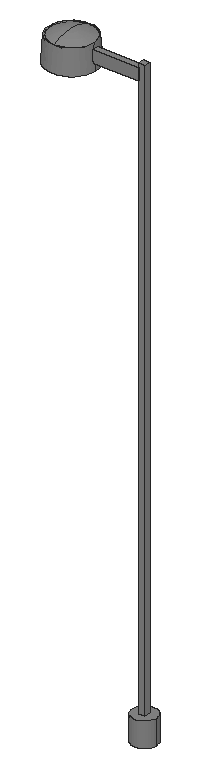
Revit family "f72442e85010487ea1f9fe5948f87591", category Lighting Fixtures, Revit 2021
Family settings
  Round Connector Dimension = Use Diameter
  Part Type = Normal
  OmniClass Number = 23.80.70.14.21
  OmniClass Title = Street and Roadway Lighting
  Seek Item ID = Street Light - Standard-0000-USA-ENU
  Work Plane-Based = No
  Always vertical = Yes
  Cut with Voids When Loaded = No
  Light Source = Yes
  Shared = No
  Room Calculation Point = No
Parameters (values of type "250W Sodium - 480V")
  Wattage = 250 W
  built-in parameter 1150110 = 1 (stored number, unit not read)
  built-in parameter 1114217 = 1 (stored number, unit not read)
  built-in parameter 1150109 = 1 (stored number, unit not read)
  built-in parameter 1150134 = 12
  built-in parameter 1150113 = 1 (stored number, unit not read)
  Tilt Angle = 90.00°
  Stand Material = Steel, Paint Finish, Dark Gray, Matte
  Shade Material = Steel, Paint Finish, Dark Gray, Matte
  Photometric Web File = "SLS1ET18.ies"
  built-in parameter 1150115 = 1 (stored number, unit not read)
  built-in parameter 1150105 = 2307.7 (stored number, unit not read)
  Load Classification = Lighting - Exterior
  built-in parameter 1150137 = 1
  built-in parameter 1150139 = (empty or 0)
  built-in parameter 1150112 = 1 (stored number, unit not read)
  built-in parameter 1150114 = 1 (stored number, unit not read)
  built-in parameter 1150132 = (empty or 0)
  built-in parameter 1150102 = (empty or 0)
  built-in parameter 1150138 = (empty or 0)
  built-in parameter 1150107 = 4000 (stored number, unit not read)
  built-in parameter 1150106 = 23.077 (stored number, unit not read)
  Height = 25' - 0"
  Lamp = "E-18"
  Lumens = 29000 lm
  Wattage Comments = "250"
  built-in parameter 1150104 = 10.777 (stored number, unit not read)
  Dimming Lamp Color Temperature Shift = <None>
  Diffuser Material = Glass, Frosted
  Default Elevation = 0' - 0"
  Color Filter = 16777215
  Voltage = 480 V
  Number of Poles = 3
  built-in parameter 1114218 = 1 (stored number, unit not read)
  built-in parameter 1150133 = 10 (stored number, unit not read)
  Apparent Load = 250 VA
Types (10): name | Wattage | built-in parameter 1150134 | Tilt Angle | Photometric Web File | built-in parameter 1150105 | built-in parameter 1150107 | built-in parameter 1150106 | Lamp | Lumens | Wattage Comments | built-in parameter 1150104 | Voltage | Number of Poles | Apparent Load
  (no name) | 250 W | 12 | 90.00° | "SLS1ET18.ies" | 2307.7 (stored number, unit not read) | 4000 (stored number, unit not read) | 23.077 (stored number, unit not read) | "E-18" | 29000 lm | "250" | 10.777 (stored number, unit not read) | 480 V | 3 | 250 VA
  400W Halogen - 120V | 400 W | 3 | -90.00° | "SLS1T3.ies" | 795.77 (stored number, unit not read) | 3200 (stored number, unit not read) | 7.9577 (stored number, unit not read) | "T-3" | 10000 lm | "400" | 2.3226 (stored number, unit not read) | 120 V | 1 | 400 VA
  250W Sodium - 120V | 250 W | 13 | 90.00° | "SLS1ET18.ies" | 2307.7 (stored number, unit not read) | 2100 (stored number, unit not read) | 23.077 (stored number, unit not read) | "E-18" | 29000 lm | "250" | 10.777 (stored number, unit not read) | 120 V | 1 | 250 VA
  250W Halogen - 120V | 250 W | 3 | -90.00° | "SLS1T4.IES" | 397.89 (stored number, unit not read) | 3200 (stored number, unit not read) | 3.9789 (stored number, unit not read) | "T-4" | 5000 lm | "250" | 1.8581 (stored number, unit not read) | 120 V | 1 | 250 VA
  250W Halogen - 277V | 250 W | 3 | -90.00° | "SLS1T4.IES" | 397.89 (stored number, unit not read) | 3200 (stored number, unit not read) | 3.9789 (stored number, unit not read) | "T-4" | 5000 lm | "250" | 1.8581 (stored number, unit not read) | 277 V | 1 | 250 VA
  250W Halogen - 480V | 250 W | 3 | -90.00° | "SLS1T4.IES" | 397.89 (stored number, unit not read) | 3200 (stored number, unit not read) | 3.9789 (stored number, unit not read) | "T-4" | 5000 lm | "250" | 1.8581 (stored number, unit not read) | 480 V | 3 | 250 VA
  250W Sodium - 277V | 250 W | 13 | 90.00° | "SLS1ET18.ies" | 2307.7 (stored number, unit not read) | 2100 (stored number, unit not read) | 23.077 (stored number, unit not read) | "E-18" | 29000 lm | "250" | 10.777 (stored number, unit not read) | 277 V | 1 | 250 VA
  250W Sodium - 480V | 250 W | 12 | 90.00° | "SLS1ET18.ies" | 2307.7 (stored number, unit not read) | 4000 (stored number, unit not read) | 23.077 (stored number, unit not read) | "E-18" | 29000 lm | "250" | 10.777 (stored number, unit not read) | 480 V | 3 | 250 VA
  400W Halogen - 277V | 400 W | 3 | -90.00° | "SLS1T3.ies" | 795.77 (stored number, unit not read) | 3200 (stored number, unit not read) | 7.9577 (stored number, unit not read) | "T-3" | 10000 lm | "400" | 2.3226 (stored number, unit not read) | 277 V | 1 | 400 VA
  400W Halogen - 480V | 400 W | 3 | -90.00° | "SLS1T3.ies" | 795.77 (stored number, unit not read) | 3200 (stored number, unit not read) | 7.9577 (stored number, unit not read) | "T-3" | 10000 lm | "400" | 2.3226 (stored number, unit not read) | 480 V | 3 | 400 VA
Reference planes (in)
  plane 1 "Light Source Axis": y = 0
  plane 2: z = 0
  plane 3 "Center": x = 0
  plane 4: z = 300
  plane 5 "Light Source Elevation": z = 288
  plane 6 "Base": z = 12
  plane 7 "Light Source Axis": x = -36
  plane 8 "Top": z = 298
  plane 9: z = 292
  plane 10: y = 0
  plane 11: y = 0
Forms (in)
  Extrusion 1, solid, material "Steel, Paint Finish, Dark Gray, Matte" <- "Stand Material"
    sketch origin (0, 0, 0) x (1, 0, 0) y (0, 1, 0)
      loop
        circle (0, 0) r 6
    from 0 to 12
  Extrusion 2, solid, material "Steel, Paint Finish, Dark Gray, Matte" <- "Stand Material"
    sketch origin (0, 0, 0) x (1, 0, 0) y (0, 1, 0)
      loop
        line (-1.5, 1.5) -> (-1.5, -1.5) -> (1.5, -1.5) -> (1.5, 1.5) -> (-1.5, 1.5)
    from 12 to 300
  Extrusion 3, solid, material "Steel, Paint Finish, Dark Gray, Matte" <- "Stand Material"
    sketch origin (0, 0, 0) x (1, 0, 0) y (0, 1, 0)
      loop
        line (-1.5, 1.5) -> (-36, 1.5) -> (-36, -1.5) -> (-1.5, -1.5) -> (-1.5, 1.5)
    from 292 to 298
  Blend 4, solid, material "Steel, Paint Finish, Dark Gray, Matte" <- "Shade Material"
    base sketch origin (0, 0, 0) x (1, 0, 0) y (0, 1, 0)
      loop
        circle (-36, 0) r 12
    top sketch origin (0, 0, 0) x (1, 0, 0) y (0, 1, 0)
      loop
        circle (-36, 0) r 11
    from 288 to 300
  Revolve 5, solid, material "Glass, Frosted" <- "Diffuser Material"
    sketch origin (-36, 0, 0) x (0, 0, -1) y (0, -1, 0)
      loop
        arc (-288, -10.5) -> (-286.02235, -5.40298) -> (-285.18653, 0) r 25.28566
        line (-285.18653, 0) -> (-285.68653, 0) -> (-288, -9.00131) -> (-288, -10.5)
      axis (-288, 0) -> (-285.18653, 0)
    angle from 0 to 360
  Revolve 6, solid, material "Steel, Paint Finish, Dark Gray, Matte" <- "Shade Material"
    sketch origin (-36, 0, 588) x (0, 0, 1) y (0, 1, 0)
      loop
        line (-288, 10.5) -> (-288, 9.00131) -> (-285.68653, 0) -> (-285.18653, 0)
        arc (-285.18653, 0) -> (-286.02235, 5.40298) -> (-288, 10.5) r 25.28566
      axis (-288, 0) -> (-285.18653, 0)
    angle from 0 to 360
Lines and regions (in)
  Masking region 1
    outline origin (0, 0, 0) x (1, 0, 0) y (0, 1, 0)
      loop
        arc (-24.09249, 1.5) -> (-36.75147, 11.97807) -> (-48.00162, 0) r 12.00162
        arc (-48.00162, 0) -> (-36.75147, -11.97807) -> (-24.09249, -1.5) r 12.00162
        line (-24.09249, -1.5) -> (1.5, -1.5) -> (1.5, 1.5) -> (-24.09249, 1.5)
  Masking region 2
    outline origin (0, 0, 12) x (1, 0, 0) y (0, 1, 0)
      loop
        circle (0, 0) r 6
  symbolic lines, style "Exterior"
    curve 1: arc (6, 0, 12) -> (0.75603, 5.95218, 12) -> (-5.80948, 1.5, 12) r 6
    curve 2: arc (-5.80948, -1.5, 12) -> (0.75603, -5.95218, 12) -> (6, 0, 12) r 6
    curve 3: arc (0.5, 0, 0) -> (0, 0.5, 0) -> (-0.5, 0, 0) r 0.5
    curve 4: arc (-0.5, 0, 0) -> (0, -0.5, 0) -> (0.5, 0, 0) r 0.5
    curve 5: line (1.5, 1.5, 0) -> (-24.09249, 1.5, 0)
    curve 6: line (1.5, -1.5, 0) -> (1.5, 1.5, 0)
    curve 7: line (-24.09249, -1.5, 0) -> (1.5, -1.5, 0)
    curve 8: arc (-24.09249, 1.5, 0) -> (-36.75147, 11.97807, 0) -> (-48.00162, 0, 0) r 12.00162
    curve 9: arc (-48.00162, 0, 0) -> (-36.75147, -11.97807, 0) -> (-24.09249, -1.5, 0) r 12.00162
    curve 10: arc (-24.99745, 0, 0) -> (-36, 11.00255, 0) -> (-47.00255, 0, 0) r 11.00255
    curve 11: arc (-47.00255, 0, 0) -> (-36, -11.00255, 0) -> (-24.99745, 0, 0) r 11.00255
Dimensions and locks (in)
  "Height": plane 4 to plane 2
  plane 7 "Light Source Axis" to plane 3 "Center" = 3' - 0"
  locked: plane 4 to plane 8 "Top" at 2
  locked: plane 8 "Top" to plane 9 at 6
  locked: plane 9 to plane 5 "Light Source Elevation" at 4
  aligned and locked: Extrusion 2 to Extrusion 1
  aligned and locked: Extrusion 2 to plane 4
  aligned and locked: Extrusion 3 sketch curve to Extrusion 2  (x2)
  aligned and locked: plane 7 "Light Source Axis" to Extrusion 3 sketch curve
  aligned and locked: plane 9 to Extrusion 3
  aligned and locked: plane 5 "Light Source Elevation" to Blend 4
  aligned and locked: Blend 4 to plane 4
  aligned and locked: Extrusion 3 to plane 8 "Top"
  aligned and locked: Masking region 1 sketch curve to curve 8
  aligned and locked: Masking region 1 sketch curve to curve 5
  aligned and locked: Masking region 1 sketch curve to curve 7
  aligned and locked: Masking region 1 sketch curve to Extrusion 2
  aligned and locked: plane 7 "Light Source Axis" to imposter light
  aligned and locked: imposter light to plane 1 "Light Source Axis"
  aligned and locked: plane 5 "Light Source Elevation" to imposter light
Automatic sketch dimensions
  Extrusion 1 sketch curve to plane 1 "Light Source Axis" = 0' - 0"
  Extrusion 1 sketch curve to plane 3 "Center" = 0' - 0"
  Extrusion 1 sketch curve to plane 3 "Center" = 0' - 6"
  plane 3 "Center" to Extrusion 2 sketch curve = 0' - 1 1/2"
  plane 1 "Light Source Axis" to Extrusion 2 sketch curve = 0' - 1 1/2"
  Extrusion 2 sketch curve to plane 1 "Light Source Axis" = 0' - 1 1/2"
  Extrusion 2 sketch curve to plane 3 "Center" = 0' - 1 1/2"
  plane 1 "Light Source Axis" to Extrusion 3 sketch curve = 0' - 1 1/2"
  Blend 4 sketch curve to plane 1 "Light Source Axis" = 0' - 0"  (x2)
  Blend 4 sketch curve to plane 7 "Light Source Axis" = 0' - 0"  (x2)
  Blend 4 sketch curve to Blend 4 sketch curve = 1' - 0"
  Blend 4 sketch curve to Blend 4 sketch curve = 0' - 11"
  Revolve 5 sketch curve to plane 1 "Light Source Axis" = 0' - 0"  (x2)
  Revolve 5 sketch curve to plane 5 "Light Source Elevation" = 0' - 0"  (x2)
  plane 9 to Revolve 5 sketch curve = 0' - 1"
  plane 1 "Light Source Axis" to Revolve 5 sketch curve = 0' - 1.14143"
  Revolve 5 sketch curve to plane 4 = 0' - 10.44642"
  plane 5 "Light Source Elevation" to Revolve 5 sketch curve = 0' - 2.31347"
  Revolve 5 sketch curve to Revolve 5 sketch curve = 0' - 0 1/2"
  Revolve 5 sketch curve to Revolve 5 sketch curve = 0' - 1.49869"
  Revolve 6 sketch curve to plane 1 "Light Source Axis" = 0' - 0"  (x2)
  plane 5 "Light Source Elevation" to Revolve 6 sketch curve = 0' - 10.44642"
  plane 4 to Revolve 6 sketch curve = 0' - 3"
  Revolve 6 sketch curve to Revolve 6 sketch curve = 0' - 3"
  Revolve 6 sketch curve to plane 4 = 0' - 0"
  Revolve 6 sketch curve to Revolve 6 sketch curve = 0' - 2.31347"
  Revolve 6 sketch curve to Revolve 6 sketch curve = 0' - 0 1/2"
  plane 1 "Light Source Axis" to Revolve 6 sketch curve = 0' - 1.14143"
  Revolve 6 sketch curve to Revolve 6 sketch curve = 0' - 1.49869"
  curve 8 to curve 9 = 0' - 0"
  curve 8 to curve 10 = 0' - 0"  (x2)
  curve 9 to plane 1 "Light Source Axis" = 0' - 0"
  curve 8 to plane 7 "Light Source Axis" = 0' - 0"
  curve 3 to plane 1 "Light Source Axis" = 0' - 0"
  plane 7 "Light Source Axis" to curve 11 = 0' - 11.00255"
  curve 8 to curve 10 = 0' - 0.99907"
  plane 1 "Light Source Axis" to curve 9 = 0' - 1 1/2"
  curve 3 to plane 3 "Center" = 0' - 0 1/2"
  plane 3 "Center" to curve 5 = 0' - 1 1/2"
  Masking region 1 sketch curve to Masking region 1 sketch curve = 0' - 0"
  Masking region 2 sketch curve to plane 1 "Light Source Axis" = 0' - 0"
  Masking region 2 sketch curve to plane 3 "Center" = 0' - 0"
  Masking region 2 sketch curve to plane 3 "Center" = 0' - 6"
  curve 8 to plane 1 "Light Source Axis" = 0' - 1 1/2"
  curve 1 to plane 1 "Light Source Axis" = 0' - 0"
  curve 1 to plane 3 "Center" = 0' - 0"
  curve 1 to plane 3 "Center" = 0' - 5.80948"
  curve 4 to plane 3 "Center" = 0' - 0"
  curve 1 to curve 2 = 0' - 0"
  plane 1 "Light Source Axis" to curve 2 = 0' - 1 1/2"
  curve 2 to curve 1 = 0' - 0"
Connectors (in)
  electrical at (-36, 0, 300), driven by "Apparent Load", driven by "Voltage", driven by "Number of Poles", driven by "Load Classification"
    settings: on Blend 4, index 1, voltage 480 V, apparent load 0 VA, apparent load phase1 250 VA, apparent load phase2 0 VA, apparent load phase3 0 VA, power factor 0.95, load classification "Lighting - Exterior", number of poles 3, system type 31, power factor state 1, is connector primary yes, connector utility no, sub classification motor no, connector description ""
